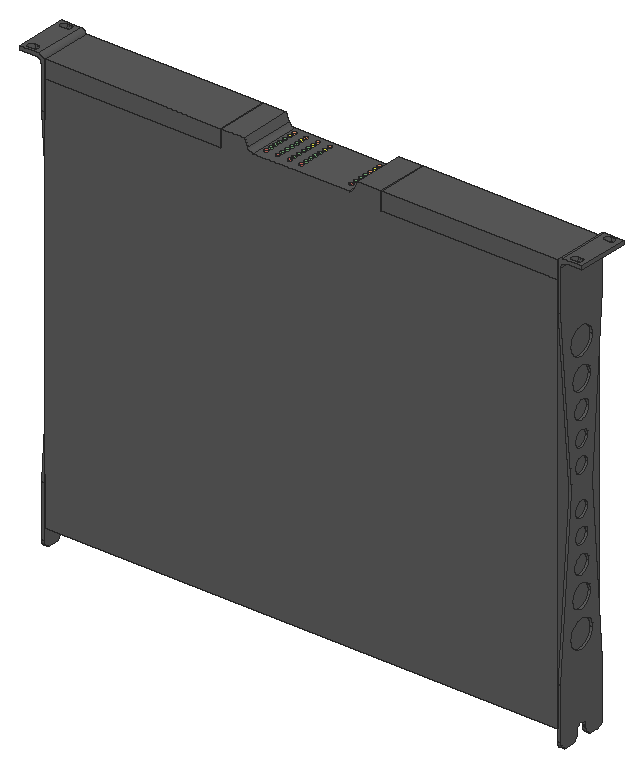
Revit family "Electronics_Community_Biamp_Dante-Amplified-Loudspeaker-Controllers_ALC-1604D", category Communication Devices, host Face, Revit 2020
Family settings
  Host = Face
  Maintain Annotation Orientation = No
  Round Connector Dimension = Use Diameter
  Part Type = Normal
  OmniClass Number = 23.85.10.11.14
  OmniClass Title = Audio Equipment
  Cut with Voids When Loaded = No
  Shared = No
  Room Calculation Point = No
Parameters (values of type "ALC-1604D")
  Width = 442 mm  # constant formula
  Weight = 17.30 lbf  # constant formula
  Voltage = 240 V
  Version = 1
  URL = "https://www.biamp.com/"
  THD+N (from 0.1 W to Full Power) = "< 0.1% (typical < 0.05%)"  # constant formula
  Supported Topologies = "Star"  # constant formula
  Standards Compliance = "Auto-sensing Fast Ethernet (IEEE 802.3u, 100 Mbit/s)"  # constant formula
  Slew Rate = "> 50 V/ μs @ 8Ω, input flter bypassed"  # constant formula
  Signal-to-Noise Ratio 20 Hz- 20 kHz @ 8Ω = ">110 dB(A)"  # constant formula
  Shipping Weight = 26.00 lbf  # constant formula
  Sample Rate Converter = "24-bit @ 44.1 kHz to 192 kHz 140 dB Dynamic Range - 0.0001 % THD+N"  # constant formula
  Remote Interface = "ArmoníaPlus® System Manager"  # constant formula
  Product data url = "https://bimobject.com/biamp/product/alc-1604d_community-amplified-loudspeaker-controller"
  Product Page URL = "https://www.biamp.com/products/product-families/community/amplified-loudspeaker-controllers#alc-1604d"
  Product Documentation Link = "https://downloads.biamp.com/assets/docs/default-source/data-sheets/biamp_data_sheet_community_alc_series_dec21.pdf"
  Power Factor = 1
  Output Channels = "4 Hi-Z or Lo-Z (bridgeable per ch. pair)"  # constant formula
  Operating Voltage = "60-264 V (with reduced power below 90 V)"  # constant formula
  Open control panel [instance] = not(Closed control panel)  # no
  Number of Poles = 1
  Nominal Voltage (± 10%) = "100-240 V @ 50-60Hz"  # constant formula
  Model = "ALC-1604D"  # constant formula
  Memory/Presets = "128 MB (RAM) plus 512 MB fash for presets"  # constant formula
  Maximum Input Level = "20 dBu"  # constant formula
  Max Power Consumption = 840 W
  Manufacturer = "Biamp"  # constant formula
  Limiters = "TruePower™, RMS voltage,RMS current, Peak limiter"  # constant formula
  Latency = "2.5 ms fxed latency architecture"  # constant formula
  Internal Precision = "32-bit foating point"  # constant formula
  Input Sens @8Ω = "26 dB - 4.91; 29 dB - 3.48; 32 dB - 2.46; 35 dB - 1.74"  # constant formula
  Input Impedance = "20 kΩ balanced"  # constant formula
  Input Channels = "Analog - 4;Dante - 4"  # constant formula
  IMD (from 0.1 W to Full Power) = "< 0.05%"  # constant formula
  Housing Material = Biamp - Metal - Black
  Height = 44 mm  # constant formula
  Frequency Response = "20 Hz - 20 kHz ±0.5 dB, 1 W @ 8Ω"  # constant formula
  Equalizer = "Raised-cosine, custom FIR, parametric IIR:peaking, hi/lo-shelving, all-pass, band-pass, band-stop, hi/lo-pass"  # constant formula
  Description = "Amplified Loudspeaker Controllers 4-Channel Units With DSP And Dante®"  # constant formula
  Depth = 373 mm  # constant formula
  Delay = "2 s (input) + 100 ms (output) for signal alignment"  # constant formula
  Date Updated = ""
  Date Created = "2023/08/21"
  Damping Factor = "> 500 @ 8Ω, 20 Hz - 100 Hz"  # constant formula
  Damping Control = "Active DampingControl™ and LiveImpedance™ measurement"  # constant formula
  DA Converters = "24-bit Tandem™ @ 48 kHz 117 dB(A) Dynamic Range - 0.003 % THD+N"  # constant formula
  Crosstalk (1 kHz) = " -70 dB"  # constant formula
  Crossover = "Linear phase (FIR), Butterworth, Linkwitz-Riley, Bessel: 6 dB/oct to 48 dB/oct (IIR)"  # constant formula
  Connector Description = "100-240 VAC, 50/60 Hz"  # constant formula
  Closed control panel [instance] = yes
  Default Elevation = 1219.2 mm
  Apparent Load = Max Power Consumption / Power Factor  # 840 VA
  Ambient Relative Humidity = "0-95% (non-condensing)"  # constant formula
  Ambient Operating Temperature = "0° - 45° C;  32° - 113° F"  # constant formula
  AD Converters = "24-bit Tandem™ @ 48 kHz 125 dB(A) Dynamic Range - 0.005 % THD+N"  # constant formula
  AC Mains Connector = "IEC C20 inlet (20 A max) Region-specifc power cord provided"  # constant formula
Reference planes
  plane 1 "Center (Front/Back)": y = 0
  plane 2: z = 0
  plane 3 "Center (Left/Right)": x = 0
Forms (mm)
  Extrusion 1, solid, material "Biamp - Metal - Black" <- "Housing Material", detail levels coarse
    sketch origin (13.283, -17.315, 0) x (1, 0, 0) y (0, 0, 1)
      loop
        line (-3, 0) -> (-3, -373) -> (0, -373) -> (0, 3) -> (-21, 3) -> (-21, 0) -> (-3, 0)
      loop
        line (439, 0) -> (457, 0) -> (457, 3) -> (436, 3) -> (436, -373) -> (439, -373) -> (439, 0)
    from -22 to 22
  Extrusion 2, void
    sketch origin (13.283, -17.315, 0) x (1, 0, 0) y (0, 1, 0)
      loop
        arc (-15.029, 20.217) -> (-17.932, 17.315) -> (-15.029, 14.412) r 2.903
        line (-15.029, 14.412) -> (-11.537, 14.412)
        arc (-11.537, 14.412) -> (-8.634, 17.315) -> (-11.537, 20.217) r 2.903
        line (-11.537, 20.217) -> (-15.029, 20.217)
      loop
        line (-15.029, -20.217) -> (-11.537, -20.217)
        arc (-11.537, -20.217) -> (-8.634, -17.315) -> (-11.537, -14.412) r 2.903
        line (-11.537, -14.412) -> (-15.029, -14.412)
        arc (-15.029, -14.412) -> (-17.932, -17.315) -> (-15.029, -20.217) r 2.903
      loop
        line (451.029, 20.217) -> (447.537, 20.217)
        arc (447.537, 20.217) -> (444.634, 17.315) -> (447.537, 14.412) r 2.903
        line (447.537, 14.412) -> (451.029, 14.412)
        arc (451.029, 14.412) -> (453.932, 17.315) -> (451.029, 20.217) r 2.903
      loop
        arc (451.029, -20.217) -> (453.932, -17.315) -> (451.029, -14.412) r 2.903
        line (451.029, -14.412) -> (447.537, -14.412)
        arc (447.537, -14.412) -> (444.634, -17.315) -> (447.537, -20.217) r 2.903
        line (447.537, -20.217) -> (451.029, -20.217)
    from -10.498 to 3
  Extrusion 3, solid, material "Biamp - Metal - Black" <- "Housing Material", detail levels medium+fine
    sketch origin (13.283, -17.315, 0) x (1, 0, 0) y (0, 0, 1)
      loop
        line (-3, -5) -> (-3, -373) -> (0, -373) -> (0, -2)
        arc (0, -2) -> (-1.464, 1.536) -> (-5, 3) r 5
        line (-5, 3) -> (-21, 3) -> (-21, 0) -> (-8, 0)
        arc (-8, 0) -> (-4.464, -1.464) -> (-3, -5) r 5
      loop
        arc (439, -5) -> (440.464, -1.464) -> (444, 0) r 5
        line (444, 0) -> (457, 0) -> (457, 3) -> (441, 3)
        arc (441, 3) -> (437.464, 1.536) -> (436, -2) r 5
        line (436, -2) -> (436, -373) -> (439, -373) -> (439, -5)
    from -22 to 22
  Extrusion 4, void
    sketch origin (0, 0, 0) x (0, 1, 0) y (0, 0, 1)
      loop
        arc (4.685, -40) -> (-6.911, -181.5) -> (4.685, -323) r 869.15
        line (4.685, -323) -> (4.685, -40)
      loop
        line (-39.315, -40) -> (-39.315, -323)
        arc (-39.315, -323) -> (-27.719, -181.5) -> (-39.315, -40) r 869.15
      loop
        circle (-17.315, -164.722) r 7
      loop
        circle (-17.315, -144.465) r 7
      loop
        circle (-17.315, -122.509) r 8
      loop
        circle (-17.315, -98.493) r 10
      loop
        circle (-17.315, -69.752) r 12
      loop
        circle (-17.315, -198.278) r 7
      loop
        circle (-17.315, -218.535) r 7
      loop
        circle (-17.315, -240.491) r 8
      loop
        circle (-17.315, -264.507) r 10
      loop
        circle (-17.315, -293.248) r 12
      loop
        arc (-33.315, -373) -> (-37.558, -371.243) -> (-39.315, -367) r 6
        line (-39.315, -367) -> (-39.315, -375.253) -> (4.685, -375.253) -> (4.685, -367)
        arc (4.685, -367) -> (2.928, -371.243) -> (-1.315, -373) r 6
        line (-1.315, -373) -> (-6.315, -373)
        arc (-6.315, -373) -> (-10.558, -371.243) -> (-12.315, -367) r 6
        line (-12.315, -367) -> (-12.315, -365.5)
        arc (-12.315, -365.5) -> (-17.315, -360.5) -> (-22.315, -365.5) r 5
        line (-22.315, -365.5) -> (-22.315, -367)
        arc (-22.315, -367) -> (-24.072, -371.243) -> (-28.315, -373) r 6
        line (-28.315, -373) -> (-33.315, -373)
    from 0 to 452.283
  Extrusion 5, solid, material "Biamp - Metal - Black" <- "Housing Material"
    sketch origin (0, 0, 0) x (1, 0, 0) y (0, 0, 1)
      loop
        line (13.283, -15) -> (13.283, -357) -> (449.283, -357) -> (449.283, -15) -> (299.283, -15) -> (299.283, 0) -> (279.283, 0) -> (276.679, -6.444)
        arc (276.679, -6.444) -> (274.839, -8.716) -> (272.043, -9.571) r 5
        line (272.043, -9.571) -> (190.522, -9.571)
        arc (190.522, -9.571) -> (187.727, -8.716) -> (185.887, -6.444) r 5
        line (185.887, -6.444) -> (183.283, 0) -> (163.283, 0) -> (163.283, -15) -> (13.283, -15)
    from -4.685 to 39.315
  Extrusion 6, void
    sketch origin (0, 0, 0) x (1, 0, 0) y (0, 0, 1)
      loop
        line (13.283, -15) -> (13.283, -23.75) -> (49.418, -23.75)
        arc (49.418, -23.75) -> (57.218, -21.357) -> (62.334, -15) r 13.908
        line (62.334, -15) -> (13.283, -15)
    from 2.903 to 31.727
  Extrusion 7, solid, material "Biamp - Metal - Black" <- "Housing Material"
    sketch origin (449.283, -17.315, 3) x (0, 0, -1) y (0, -1, 0)
      loop
        line (18, -22) -> (18, -21) -> (4, -21) -> (4, 21) -> (18, 21) -> (18, 22) -> (3, 22) -> (3, -22) -> (18, -22)
    from 0 to 150
  Extrusion 8, void
    sketch origin (13.283, 0, -23.75) x (1, 0, 0) y (0, 1, 0)
      loop
        line (19.04, -19.656) -> (19.04, -27.656) -> (31.04, -27.656) -> (31.04, -19.656) -> (19.04, -19.656)
    from -3.386 to 0
  Extrusion 9, solid, material "Biamp - Metal - Black" <- "Housing Material", visible <- "Closed control panel"
    sketch origin (13.283, -17.315, 3) x (0, 0, -1) y (0, 1, 0)
      loop
        line (18, 22) -> (3, 22) -> (3, -22) -> (18, -22) -> (18, -21) -> (4, -21) -> (4, 21) -> (18, 21) -> (18, 22)
    from 0 to 150
  Extrusion 10, solid, material "Biamp - Plastic - Blue"
    sketch origin (18.908, 0, -15) x (1, 0, 0) y (0, 1, 0)
      loop
        circle (68.38, -26.221) r 5
      loop
        circle (82.13, -26.221) r 5
      loop
        circle (95.88, -26.221) r 5
      loop
        circle (109.63, -26.221) r 5
    from -1.651 to 1
  Extrusion 11, void
    sketch origin (93.283, 0, -357) x (0, 1, 0) y (1, 0, 0)
      loop
        line (-8.944, 340.535) -> (-25.686, 340.535)
        arc (-25.686, 340.535) -> (-29.221, 339.07) -> (-30.686, 335.535) r 5
        line (-30.686, 335.535) -> (-30.686, 313.66)
        arc (-30.686, 313.66) -> (-29.221, 310.124) -> (-25.686, 308.66) r 5
        line (-25.686, 308.66) -> (-8.944, 308.66)
        arc (-8.944, 308.66) -> (-5.408, 310.124) -> (-3.944, 313.66) r 5
        line (-3.944, 313.66) -> (-3.944, 335.535)
        arc (-3.944, 335.535) -> (-5.408, 339.07) -> (-8.944, 340.535) r 5
      loop
        line (-19.863, -58.78) -> (-19.863, -38.78) -> (-34.863, -38.78) -> (-34.863, -58.78) -> (-19.863, -58.78)
      loop
        line (-19.863, -24.895) -> (-19.863, -4.895) -> (-34.863, -4.895) -> (-34.863, -24.895) -> (-19.863, -24.895)
      loop
        line (-11.738, 53.136) -> (-11.738, 24.636)
        arc (-11.738, 24.636) -> (-12.324, 23.222) -> (-13.738, 22.636) r 2
        line (-13.738, 22.636) -> (-25.757, 22.636)
        arc (-25.757, 22.636) -> (-27.171, 23.222) -> (-27.757, 24.636) r 2
        line (-27.757, 24.636) -> (-27.757, 53.136)
        arc (-27.757, 53.136) -> (-27.171, 54.55) -> (-25.757, 55.136) r 2
        line (-25.757, 55.136) -> (-13.813, 55.136)
        arc (-13.813, 55.136) -> (-12.399, 54.55) -> (-11.813, 53.136) r 2
      loop
        line (-21.752, 162.208) -> (-21.752, 133.708)
        arc (-21.752, 133.708) -> (-22.337, 132.294) -> (-23.752, 131.708) r 2
        line (-23.752, 131.708) -> (-33.895, 131.708)
        arc (-33.895, 131.708) -> (-35.31, 132.294) -> (-35.895, 133.708) r 2
        line (-35.895, 133.708) -> (-35.895, 162.208)
        arc (-35.895, 162.208) -> (-35.31, 163.622) -> (-33.895, 164.208) r 2
        line (-33.895, 164.208) -> (-23.826, 164.208)
        arc (-23.826, 164.208) -> (-22.412, 163.622) -> (-21.826, 162.208) r 2
      loop
        line (-21.752, 170.026) -> (-21.752, 198.526)
        arc (-21.752, 198.526) -> (-22.337, 199.94) -> (-23.752, 200.526) r 2
        line (-23.752, 200.526) -> (-33.895, 200.526)
        arc (-33.895, 200.526) -> (-35.31, 199.94) -> (-35.895, 198.526) r 2
        line (-35.895, 198.526) -> (-35.895, 170.026)
        arc (-35.895, 170.026) -> (-35.31, 168.612) -> (-33.895, 168.026) r 2
        line (-33.895, 168.026) -> (-23.826, 168.026)
        arc (-23.826, 168.026) -> (-22.412, 168.612) -> (-21.826, 170.026) r 2
    from -7.387 to 0
  Sweep 12, solid, material "Biamp - Plastic - Blue"
    path in 3D
      loop
        arc (433.818, -25.686, -349.613) -> (432.353, -29.221, -349.613) -> (428.818, -30.686, -349.613) r 5
        line (428.818, -30.686, -349.613) -> (406.943, -30.686, -349.613)
        arc (406.943, -30.686, -349.613) -> (403.407, -29.221, -349.613) -> (401.943, -25.686, -349.613) r 5
        line (401.943, -25.686, -349.613) -> (401.943, -8.944, -349.613)
        arc (401.943, -8.944, -349.613) -> (403.407, -5.408, -349.613) -> (406.943, -3.944, -349.613) r 5
        line (406.943, -3.944, -349.613) -> (428.818, -3.944, -349.613)
        arc (428.818, -3.944, -349.613) -> (432.353, -5.408, -349.613) -> (433.818, -8.944, -349.613) r 5
        line (433.818, -8.944, -349.613) -> (433.818, -25.686, -349.613)
    profile origin (433.818, -17.315, -349.613) x (-1, 0, 0) y (0, 0, -1)
      loop
        line (0, 0) -> (0.894, 0) -> (0.894, 9.233) -> (-0.711, 9.233)
        arc (-0.711, 9.233) -> (-1.86, 8.654) -> (-2.078, 7.387) r 1.429
        line (-2.078, 7.387) -> (0, 7.387) -> (0, 0)
  Extrusion 13, solid, material "Biamp - Plastic - Green"
    sketch origin (93.283, 0, -357) x (0, 1, 0) y (1, 0, 0)
      loop
        line (-8.613, -58.78) -> (-1.039, -58.78) -> (-1.039, -31.838) -> (-8.613, -31.838) -> (-8.613, -58.78)
    from 0 to 3
  Extrusion 14, solid, material "Biamp - Plastic - Green"
    sketch origin (29.608, 0, -357) x (0, -1, 0) y (-1, 0, 0)
      loop
        line (8.613, -58.78) -> (8.613, -31.838) -> (1.039, -31.838) -> (1.039, -58.78) -> (8.613, -58.78)
    from 0 to 3
  Extrusion 15, solid, material "Biamp - Plastic - Green"
    sketch origin (87.446, 0, -357) x (0, -1, 0) y (-1, 0, 0)
      loop
        line (8.613, -54.585) -> (8.613, -34.86) -> (1.039, -34.86) -> (1.039, -54.585) -> (8.613, -54.585)
    from 0 to 3
  Extrusion 16, solid, material "Biamp - Plastic - Green"
    sketch origin (127.496, -5.13, -357) x (0, -1, 0) y (-1, 0, 0)
      loop
        line (8.613, -58.78) -> (8.613, -31.838) -> (1.039, -31.838) -> (1.039, -58.78) -> (8.613, -58.78)
    from 0 to 3
  Extrusion 17, solid, material "Biamp - Plastic - Green"
    sketch origin (127.496, -20.13, -357) x (0, -1, 0) y (-1, 0, 0)
      loop
        line (8.613, -58.78) -> (8.613, -31.838) -> (1.039, -31.838) -> (1.039, -58.78) -> (8.613, -58.78)
    from 0 to 3
  Extrusion 18, solid, material "Biamp - Plastic - Green"
    sketch origin (154.438, -5.13, -357) x (0, -1, 0) y (-1, 0, 0)
      loop
        line (8.613, -58.78) -> (8.613, -31.838) -> (1.039, -31.838) -> (1.039, -58.78) -> (8.613, -58.78)
    from 0 to 3
  Extrusion 19, solid, material "Biamp - Plastic - Green"
    sketch origin (154.438, -20.13, -357) x (0, -1, 0) y (-1, 0, 0)
      loop
        line (8.613, -58.78) -> (8.613, -31.838) -> (1.039, -31.838) -> (1.039, -58.78) -> (8.613, -58.78)
    from 0 to 3
  Extrusion 20, solid, material "Biamp - Plastic - Green"
    sketch origin (191.245, -2.513, -357) x (0, -1, 0) y (-1, 0, 0)
      loop
        line (14.863, -68.155) -> (14.863, -31.838) -> (1.039, -31.838) -> (1.039, -68.155) -> (14.863, -68.155)
    from 0 to 3
  Extrusion 21, solid, material "Biamp - Plastic - Green"
    sketch origin (227.562, -2.513, -357) x (0, -1, 0) y (-1, 0, 0)
      loop
        line (14.863, -68.155) -> (14.863, -31.838) -> (1.039, -31.838) -> (1.039, -68.155) -> (14.863, -68.155)
    from 0 to 3
  Extrusion 22, void
    sketch origin (319.472, -15.155, -357) x (0, -1, 0) y (-1, 0, 0)
      loop
        line (19.863, -65.155) -> (19.863, -55.655) -> (5.951, -55.655) -> (5.951, -68.155) -> (16.863, -68.155)
        arc (16.863, -68.155) -> (18.985, -67.276) -> (19.863, -65.155) r 3
      loop
        line (-5.961, -68.155) -> (4.951, -68.155) -> (4.951, -55.655) -> (-8.961, -55.655) -> (-8.961, -65.155)
        arc (-8.961, -65.155) -> (-8.082, -67.276) -> (-5.961, -68.155) r 3
      loop
        line (-8.961, -6.155) -> (-8.961, -15.655) -> (4.951, -15.655) -> (4.951, -3.155) -> (-5.961, -3.155)
        arc (-5.961, -3.155) -> (-8.082, -4.034) -> (-8.961, -6.155) r 3
      loop
        line (16.863, -3.155) -> (5.951, -3.155) -> (5.951, -15.655) -> (19.863, -15.655) -> (19.863, -6.155)
        arc (19.863, -6.155) -> (18.985, -4.034) -> (16.863, -3.155) r 3
      loop
        line (19.863, -54.655) -> (19.863, -42.655) -> (5.951, -42.655) -> (5.951, -54.655) -> (19.863, -54.655)
      loop
        line (19.863, -41.655) -> (19.863, -29.655) -> (5.951, -29.655) -> (5.951, -41.655) -> (19.863, -41.655)
      loop
        line (19.863, -28.655) -> (19.863, -16.655) -> (5.951, -16.655) -> (5.951, -28.655) -> (19.863, -28.655)
      loop
        line (4.951, -54.655) -> (4.951, -42.655) -> (-8.961, -42.655) -> (-8.961, -54.655) -> (4.951, -54.655)
      loop
        line (4.951, -41.655) -> (4.951, -29.655) -> (-8.961, -29.655) -> (-8.961, -41.655) -> (4.951, -41.655)
      loop
        line (4.951, -28.655) -> (4.951, -16.655) -> (-8.961, -16.655) -> (-8.961, -28.655) -> (4.951, -28.655)
    from -23.564 to 2
  Extrusion 23, void
    sketch origin (18.908, 0, -15) x (1, 0, 0) y (0, 1, 0)
      loop
        circle (68.38, -26.221) r 5.2
      loop
        circle (82.13, -26.221) r 5.2
      loop
        circle (95.88, -26.221) r 5.2
      loop
        circle (109.63, -26.221) r 5.2
    from -1.651 to 2
  Extrusion 24, solid, material "Biamp - Plastic - White"
    sketch origin (93.283, 0, -349.613) x (-1, 0, 0) y (0, 1, 0)
      loop
        arc (-49.948, -21.57) -> (-49.655, -22.277) -> (-48.948, -22.57) r 1
        line (-48.948, -22.57) -> (-28.823, -22.57)
        arc (-28.823, -22.57) -> (-28.116, -22.277) -> (-27.823, -21.57) r 1
        line (-27.823, -21.57) -> (-27.823, -17.926)
        arc (-27.823, -17.926) -> (-28.116, -17.219) -> (-28.823, -16.926) r 1
        line (-28.823, -16.926) -> (-48.948, -16.926)
        arc (-48.948, -16.926) -> (-49.655, -17.219) -> (-49.948, -17.926) r 1
        line (-49.948, -17.926) -> (-49.948, -21.57)
      loop
        arc (-159.021, -30.645) -> (-158.728, -31.353) -> (-158.021, -31.645) r 1
        line (-158.021, -31.645) -> (-137.896, -31.645)
        arc (-137.896, -31.645) -> (-137.189, -31.353) -> (-136.896, -30.645) r 1
        line (-136.896, -30.645) -> (-136.896, -27.002)
        arc (-136.896, -27.002) -> (-137.189, -26.295) -> (-137.896, -26.002) r 1
        line (-137.896, -26.002) -> (-158.021, -26.002)
        arc (-158.021, -26.002) -> (-158.728, -26.295) -> (-159.021, -27.002) r 1
        line (-159.021, -27.002) -> (-159.021, -30.645)
      loop
        arc (-195.338, -30.645) -> (-195.045, -31.353) -> (-194.338, -31.645) r 1
        line (-194.338, -31.645) -> (-174.213, -31.645)
        arc (-174.213, -31.645) -> (-173.506, -31.353) -> (-173.213, -30.645) r 1
        line (-173.213, -30.645) -> (-173.213, -27.002)
        arc (-173.213, -27.002) -> (-173.506, -26.295) -> (-174.213, -26.002) r 1
        line (-174.213, -26.002) -> (-194.338, -26.002)
        arc (-194.338, -26.002) -> (-195.045, -26.295) -> (-195.338, -27.002) r 1
        line (-195.338, -27.002) -> (-195.338, -30.645)
    from 0 to 2.226
  Extrusion 25, solid, material "Biamp - Plastic - Orange", detail levels medium+fine
    sketch origin (190.354, 3.125, -9.571) x (1, 0, 0) y (0, 1, 0)
      loop
        circle (4.333, -3.944) r 1.5
      loop
        circle (14.333, -3.944) r 1.5
      loop
        circle (24.333, -3.944) r 1.5
      loop
        circle (34.333, -3.944) r 1.5
    from 0 to 0.3
  Extrusion 26, solid, material "Biamp - Plastic - Yellow", detail levels medium+fine
    sketch origin (190.354, -1.875, -9.571) x (1, 0, 0) y (0, 1, 0)
      loop
        circle (4.333, -3.944) r 1.5
      loop
        circle (14.333, -3.944) r 1.5
      loop
        circle (24.333, -3.944) r 1.5
      loop
        circle (34.333, -3.944) r 1.5
    from 0 to 0.3
  Extrusion 27, solid, material "Biamp - Plastic - Green", detail levels medium+fine
    sketch origin (190.354, -6.875, -9.571) x (1, 0, 0) y (0, 1, 0)
      loop
        circle (4.333, -3.944) r 1.5
      loop
        circle (14.333, -3.944) r 1.5
      loop
        circle (24.333, -3.944) r 1.5
      loop
        circle (34.333, -3.944) r 1.5
    from 0 to 0.3
  Extrusion 28, solid, material "Biamp - Plastic - Green", detail levels medium+fine
    sketch origin (190.354, -11.875, -9.571) x (1, 0, 0) y (0, 1, 0)
      loop
        circle (4.333, -3.944) r 1.5
      loop
        circle (14.333, -3.944) r 1.5
      loop
        circle (24.333, -3.944) r 1.5
      loop
        circle (34.333, -3.944) r 1.5
    from 0 to 0.3
  Extrusion 29, solid, material "Biamp - Plastic - Green", detail levels medium+fine
    sketch origin (190.354, -16.875, -9.571) x (1, 0, 0) y (0, 1, 0)
      loop
        circle (4.333, -3.944) r 1.5
      loop
        circle (14.333, -3.944) r 1.5
      loop
        circle (24.333, -3.944) r 1.5
      loop
        circle (34.333, -3.944) r 1.5
    from 0 to 0.3
  Extrusion 30, solid, material "Biamp - Plastic - Green", detail levels medium+fine
    sketch origin (190.354, -21.875, -9.571) x (1, 0, 0) y (0, 1, 0)
      loop
        circle (4.333, -3.944) r 1.5
      loop
        circle (14.333, -3.944) r 1.5
      loop
        circle (24.333, -3.944) r 1.5
      loop
        circle (34.333, -3.944) r 1.5
    from 0 to 0.3
  Extrusion 31, solid, material "Biamp - Plastic - Red", detail levels medium+fine
    sketch origin (190.354, -26.875, -9.571) x (1, 0, 0) y (0, 1, 0)
      loop
        circle (4.333, -3.944) r 1.5
      loop
        circle (14.333, -3.944) r 1.5
      loop
        circle (24.333, -3.944) r 1.5
      loop
        circle (34.333, -3.944) r 1.5
    from 0 to 0.3
  Extrusion 32, solid, material "Biamp - Plastic - Green", detail levels medium+fine
    sketch origin (190.354, 3.125, -9.571) x (1, 0, 0) y (0, 1, 0)
      loop
        circle (76.833, -18.944) r 1.5
      loop
        circle (76.833, -23.944) r 1.5
      loop
        circle (76.833, -28.944) r 1.5
    from 0 to 0.3
  Extrusion 33, solid, material "Biamp - Plastic - Orange", detail levels medium+fine
    sketch origin (190.354, 3.125, -9.571) x (1, 0, 0) y (0, 1, 0)
      loop
        circle (76.833, -3.944) r 1.5
      loop
        circle (76.833, -13.944) r 1.5
    from 0 to 0.3
  Extrusion 34, solid, material "Biamp - Plastic - Yellow", detail levels medium+fine
    sketch origin (190.354, 3.125, -9.571) x (1, 0, 0) y (0, 1, 0)
      loop
        circle (76.833, -8.944) r 1.5
    from 0 to 0.3
  Extrusion 35, solid, material "Biamp - Plastic - Red", detail levels medium+fine
    sketch origin (190.354, 3.125, -9.571) x (1, 0, 0) y (0, 1, 0)
      loop
        circle (76.833, -33.944) r 1.5
    from 0 to 0.3
Cuts and joins
  Extrusion 2 cuts Extrusion 1
  Extrusion 2, Extrusion 4 cuts Extrusion 3
  Extrusion 6, Extrusion 8, Extrusion 11, Extrusion 22, Extrusion 23 cuts Extrusion 5
Lines and regions (mm)
  Masking region 1
    outline origin (0, 0, 0) x (1, 0, 0) y (0, 1, 0)
      loop
        line (-7.717, 4.685) -> (-7.717, -39.315) -> (13.283, -39.315) -> (13.283, 4.685) -> (-7.717, 4.685)
      loop
        line (1.746, 2.903) -> (-1.746, 2.903)
        arc (-1.746, 2.903) -> (-4.649, 0) -> (-1.746, -2.903) r 2.903
        line (-1.746, -2.903) -> (1.746, -2.903)
        arc (1.746, -2.903) -> (4.649, 0) -> (1.746, 2.903) r 2.903
      loop
        line (1.746, -31.727) -> (-1.746, -31.727)
        arc (-1.746, -31.727) -> (-4.649, -34.63) -> (-1.746, -37.532) r 2.903
        line (-1.746, -37.532) -> (1.746, -37.532)
        arc (1.746, -37.532) -> (4.649, -34.63) -> (1.746, -31.727) r 2.903
      loop
        line (470.283, 4.685) -> (449.283, 4.685) -> (449.283, -39.315) -> (470.283, -39.315) -> (470.283, 4.685)
      loop
        arc (460.82, 2.903) -> (457.917, 0) -> (460.82, -2.903) r 2.903
        line (460.82, -2.903) -> (464.312, -2.903)
        arc (464.312, -2.903) -> (467.215, 0) -> (464.312, 2.903) r 2.903
        line (464.312, 2.903) -> (460.82, 2.903)
      loop
        arc (460.82, -31.727) -> (457.917, -34.63) -> (460.82, -37.532) r 2.903
        line (460.82, -37.532) -> (464.312, -37.532)
        arc (464.312, -37.532) -> (467.215, -34.63) -> (464.312, -31.727) r 2.903
        line (464.312, -31.727) -> (460.82, -31.727)
  Masking region 2, visible <- "Closed control panel"
    outline origin (0, 0, 0) x (1, 0, 0) y (0, 1, 0)
      loop
        line (13.283, 4.685) -> (13.283, -39.315) -> (163.283, -39.315) -> (163.283, 4.685) -> (13.283, 4.685)
  Masking region 3
    outline origin (0, 0, 0) x (1, 0, 0) y (0, 1, 0)
      loop
        line (163.283, 4.685) -> (163.283, -39.315) -> (183.283, -39.315) -> (183.283, 4.685) -> (163.283, 4.685)
      loop
        line (279.283, 4.685) -> (279.283, -39.315) -> (299.283, -39.315) -> (299.283, 4.685) -> (279.283, 4.685)
  Masking region 4
    outline origin (0, 0, 0) x (1, 0, 0) y (0, 1, 0)
      loop
        line (183.283, 4.685) -> (183.283, -39.315) -> (279.283, -39.315) -> (279.283, 4.685) -> (183.283, 4.685)
  Masking region 5
    outline origin (0, 0, 0) x (1, 0, 0) y (0, 1, 0)
      loop
        line (299.283, 4.685) -> (299.283, -39.315) -> (449.283, -39.315) -> (449.283, 4.685) -> (299.283, 4.685)
  Masking region 6, visible <- "Open control panel"
    outline origin (0, 0, 0) x (1, 0, 0) y (0, 1, 0)
      loop
        line (13.283, -2.903) -> (13.283, -31.727) -> (62.334, -31.727) -> (62.334, -2.903) -> (13.283, -2.903)
      loop
        line (32.323, -19.656) -> (32.323, -27.656) -> (44.323, -27.656) -> (44.323, -19.656) -> (32.323, -19.656)
      loop
        circle (87.288, -26.221) r 5.2
      loop
        circle (101.038, -26.221) r 5.2
      loop
        circle (114.788, -26.221) r 5.2
      loop
        circle (128.538, -26.221) r 5.2
  Masking region 7, visible <- "Open control panel"
    outline origin (0, 0, 0) x (1, 0, 0) y (0, 1, 0)
      loop
        line (32.323, -19.656) -> (32.323, -27.656) -> (44.323, -27.656) -> (44.323, -19.656) -> (32.323, -19.656)
  Masking region 8, visible <- "Open control panel"
    outline origin (0, 0, 0) x (1, 0, 0) y (0, 1, 0)
      loop
        line (13.283, 4.685) -> (13.283, -2.903) -> (62.334, -2.903) -> (62.334, -31.727) -> (13.283, -31.727) -> (13.283, -39.315) -> (163.283, -39.315) -> (163.283, 4.685) -> (13.283, 4.685)
      loop
        circle (87.288, -26.221) r 5.2
      loop
        circle (101.038, -26.221) r 5.2
      loop
        circle (114.788, -26.221) r 5.2
      loop
        circle (128.538, -26.221) r 5.2
  Masking region 9, detail levels coarse
    outline origin (0, 0, 0) x (1, 0, 0) y (0, 0, 1)
      loop
        line (470.283, 0) -> (470.283, 3) -> (449.283, 3) -> (449.283, -373) -> (452.283, -373) -> (452.283, 0) -> (470.283, 0)
      loop
        line (10.283, 0) -> (10.283, -373) -> (13.283, -373) -> (13.283, 3) -> (-7.717, 3) -> (-7.717, 0) -> (10.283, 0)
  Masking region 10
    outline origin (0, 0, 0) x (1, 0, 0) y (0, 0, 1)
      loop
        line (449.283, 0) -> (13.283, 0) -> (13.283, -357) -> (449.283, -357) -> (449.283, 0)
  Masking region 11, detail levels medium+fine
    outline origin (0, 0, 0) x (1, 0, 0) y (0, 0, 1)
      loop
        line (452.283, -373) -> (452.283, -5)
        arc (452.283, -5) -> (453.747, -1.464) -> (457.283, 0) r 5
        line (457.283, 0) -> (470.283, 0) -> (470.283, 3) -> (454.283, 3)
        arc (454.283, 3) -> (450.747, 1.536) -> (449.283, -2) r 5
        line (449.283, -2) -> (449.283, -373) -> (452.283, -373)
      loop
        line (10.283, -373) -> (13.283, -373) -> (13.283, -2)
        arc (13.283, -2) -> (11.819, 1.536) -> (8.283, 3) r 5
        line (8.283, 3) -> (-7.717, 3) -> (-7.717, 0) -> (5.283, 0)
        arc (5.283, 0) -> (8.819, -1.464) -> (10.283, -5) r 5
        line (10.283, -5) -> (10.283, -373)
  sketch lines
    curve 1: line (433.818, -8.944, -349.613) -> (433.818, -25.686, -349.613)
    curve 2: arc (433.818, -8.944, -349.613) -> (432.353, -5.408, -349.613) -> (428.818, -3.944, -349.613) r 5
    curve 3: line (406.943, -3.944, -349.613) -> (428.818, -3.944, -349.613)
    curve 4: arc (406.943, -3.944, -349.613) -> (403.407, -5.408, -349.613) -> (401.943, -8.944, -349.613) r 5
    curve 5: line (401.943, -25.686, -349.613) -> (401.943, -8.944, -349.613)
    curve 6: arc (401.943, -25.686, -349.613) -> (403.407, -29.221, -349.613) -> (406.943, -30.686, -349.613) r 5
    curve 7: line (428.818, -30.686, -349.613) -> (406.943, -30.686, -349.613)
    curve 8: arc (428.818, -30.686, -349.613) -> (432.353, -29.221, -349.613) -> (433.818, -25.686, -349.613) r 5
Dimensions and locks
  aligned and locked: plane 2 to host face
  aligned and locked: level to host face
Connectors
  electrical at (38.323, -23.656, -27.136)
    settings: on cut or joined group of Extrusion 5, Extrusion 6, Extrusion 8, Extrusion 11, Extrusion 22, Extrusion 23, index 1, voltage 0 V, apparent load 0 VA, apparent load phase1 0 VA, apparent load phase2 0 VA, apparent load phase3 0 VA, power factor 1, load classification "Other", number of poles 1, system type 5, power factor state 1, is connector primary yes, connector utility no, sub classification motor no, connector description "Reserved For Service Operations connector"
  electrical at (417.88, -17.315, -349.613), driven by "Number of Poles", driven by "Voltage", driven by "Apparent Load", driven by "Power Factor", driven by "Connector Description"
    settings: on Sweep 12, index 2, voltage 240 V, apparent load 840 VA, apparent load phase1 0 VA, apparent load phase2 0 VA, apparent load phase3 0 VA, power factor 1, load classification "Other", number of poles 1, system type 30, power factor state 1, is connector primary no, connector utility no, sub classification motor no, connector description "100-240 VAC, 50/60 Hz"
  electrical at (277.559, -10.465, -360)
    settings: on Extrusion 21, index 3, voltage 0 V, apparent load 0 VA, apparent load phase1 0 VA, apparent load phase2 0 VA, apparent load phase3 0 VA, power factor 1, load classification "Other", number of poles 1, system type 5, power factor state 1, is connector primary no, connector utility no, sub classification motor no, connector description "Output Connector"
  electrical at (241.241, -10.465, -360)
    settings: on Extrusion 20, index 4, voltage 0 V, apparent load 0 VA, apparent load phase1 0 VA, apparent load phase2 0 VA, apparent load phase3 0 VA, power factor 1, load classification "Other", number of poles 1, system type 5, power factor state 1, is connector primary no, connector utility no, sub classification motor no, connector description "Output Connector"
  electrical at (277.559, -28.824, -351.839)
    settings: on Extrusion 24, index 5, voltage 0 V, apparent load 0 VA, apparent load phase1 0 VA, apparent load phase2 0 VA, apparent load phase3 0 VA, power factor 1, load classification "Other", number of poles 1, system type 5, power factor state 1, is connector primary no, connector utility no, sub classification motor no, connector description "Output Configuration Dip Switches connector"
  electrical at (241.241, -28.824, -351.839)
    settings: on Extrusion 24, index 6, voltage 0 V, apparent load 0 VA, apparent load phase1 0 VA, apparent load phase2 0 VA, apparent load phase3 0 VA, power factor 1, load classification "Other", number of poles 1, system type 5, power factor state 1, is connector primary no, connector utility no, sub classification motor no, connector description "Output Configuration Dip Switches connector"
  electrical at (199.747, -9.956, -360)
    settings: on Extrusion 18, index 7, voltage 0 V, apparent load 0 VA, apparent load phase1 0 VA, apparent load phase2 0 VA, apparent load phase3 0 VA, power factor 1, load classification "Other", number of poles 1, system type 5, power factor state 1, is connector primary no, connector utility no, sub classification motor no, connector description "Remote Level Connector"
  electrical at (172.805, -9.956, -360)
    settings: on Extrusion 16, index 8, voltage 0 V, apparent load 0 VA, apparent load phase1 0 VA, apparent load phase2 0 VA, apparent load phase3 0 VA, power factor 1, load classification "Other", number of poles 1, system type 5, power factor state 1, is connector primary no, connector utility no, sub classification motor no, connector description "Remote Level Connector"
  electrical at (199.747, -24.956, -360)
    settings: on Extrusion 19, index 9, voltage 0 V, apparent load 0 VA, apparent load phase1 0 VA, apparent load phase2 0 VA, apparent load phase3 0 VA, power factor 1, load classification "Other", number of poles 1, system type 5, power factor state 1, is connector primary no, connector utility no, sub classification motor no, connector description "Line Input Connector"
  electrical at (172.805, -24.956, -360)
    settings: on Extrusion 17, index 10, voltage 0 V, apparent load 0 VA, apparent load phase1 0 VA, apparent load phase2 0 VA, apparent load phase3 0 VA, power factor 1, load classification "Other", number of poles 1, system type 5, power factor state 1, is connector primary no, connector utility no, sub classification motor no, connector description "Line Input Connector"
  electrical at (132.169, -4.826, -360)
    settings: on Extrusion 15, index 11, voltage 0 V, apparent load 0 VA, apparent load phase1 0 VA, apparent load phase2 0 VA, apparent load phase3 0 VA, power factor 1, load classification "Other", number of poles 1, system type 5, power factor state 1, is connector primary no, connector utility no, sub classification motor no, connector description "Remote ON/OFF Connector"
  electrical at (132.169, -19.748, -351.839)
    settings: on Extrusion 24, index 12, voltage 0 V, apparent load 0 VA, apparent load phase1 0 VA, apparent load phase2 0 VA, apparent load phase3 0 VA, power factor 1, load classification "Other", number of poles 1, system type 5, power factor state 1, is connector primary no, connector utility no, sub classification motor no, connector description "System Configuration Dip Switches connector"
  electrical at (74.917, -4.826, -360)
    settings: on Extrusion 14, index 13, voltage 0 V, apparent load 0 VA, apparent load phase1 0 VA, apparent load phase2 0 VA, apparent load phase3 0 VA, power factor 1, load classification "Other", number of poles 1, system type 5, power factor state 1, is connector primary no, connector utility no, sub classification motor no, connector description "Alarm connector"
  electrical at (47.974, -4.826, -360)
    settings: on Extrusion 13, index 14, voltage 0 V, apparent load 0 VA, apparent load phase1 0 VA, apparent load phase2 0 VA, apparent load phase3 0 VA, power factor 1, load classification "Other", number of poles 1, system type 5, power factor state 1, is connector primary no, connector utility no, sub classification motor no, connector description "Alarm connector"
  electrical at (78.388, -27.363, -349.613)
    settings: on cut or joined group of Extrusion 5, Extrusion 6, Extrusion 8, Extrusion 11, Extrusion 22, Extrusion 23, index 15, voltage 0 V, apparent load 0 VA, apparent load phase1 0 VA, apparent load phase2 0 VA, apparent load phase3 0 VA, power factor 1, load classification "Other", number of poles 1, system type 5, power factor state 1, is connector primary no, connector utility no, sub classification motor no, connector description "RJ-45 connector"
  electrical at (44.503, -27.363, -349.613)
    settings: on cut or joined group of Extrusion 5, Extrusion 6, Extrusion 8, Extrusion 11, Extrusion 22, Extrusion 23, index 16, voltage 0 V, apparent load 0 VA, apparent load phase1 0 VA, apparent load phase2 0 VA, apparent load phase3 0 VA, power factor 1, load classification "Other", number of poles 1, system type 5, power factor state 1, is connector primary no, connector utility no, sub classification motor no, connector description "RJ-45 connector"
